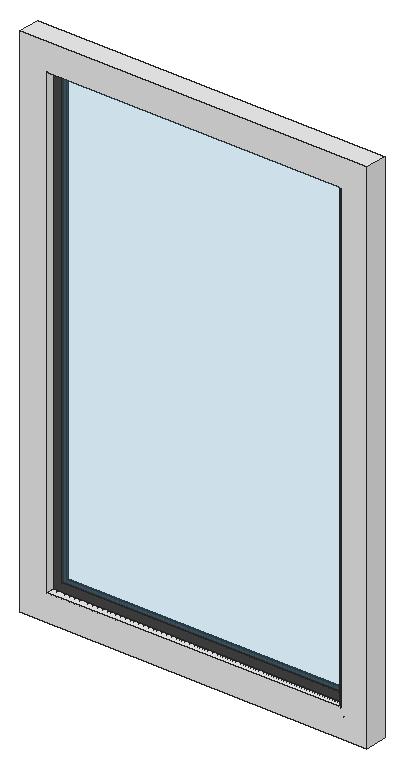
Revit family "Window_System_Solutions-NanaWall-SL-68_Fixed_Window", category Windows, host Wall, Revit 2013
Parameters (values of type "Fixed Window")
  Width = 36"
  Warranty URL = "http://www.nanawall.com/support/warranty"
  URL = "http://www.nanawall.com"
  Subcategory = "Window"  # constant formula
  Sash = Metal - NanaWall - Aluminum
  Rough Width = Width - 1 25/64"  # 34 39/64"
  Rough Height = Height - 1 25/64"  # 52 39/64"
  Product Page URL = "http://www.nanawall.com/products/sl60/matching-windows"
  Product Documentation Link = "http://www.nanawall.com/cad/configuration/details?id=22&name=SL68&typ=match&cid=456&key=Fixed%20Window"
  NanaWall Configurator = "http://www.nanawall.com/content/select-wizard"
  Model = "SL-68 Fixed Window"  # constant formula
  Material = ""
  Manufacturer Toll Free Phone = "(888) 411-NANA(6262)"  # constant formula
  Manufacturer Phone = "(415) 383-3148"  # constant formula
  Manufacturer Fax = "(415) 383-0312"  # constant formula
  Manufacturer Email = "mailto:info@nanawall.com"
  Manufacturer Address = "100 Meadowcreek Drive #250, Corte Madera, CA 94925"  # constant formula
  Manufacturer = "NanaWall Systems, Inc."  # constant formula
  Installation and Service URL = "http://www.nanawall.com/support/installer"
  Height = 54"
  Glazing Options = "http://www.nanawall.com/products/sl48/glazing"
  Glass Material = Glass - NanaWall - Generic
  Filler = Rubber - NanaWall - Black
  Exterior Wall Offset = 3"
  Disclaimer = "Please note that the Revit model is for schematic purposes only.  To obtain a detailed 3D model, please go to the NanaWall's configurator at www.nanawall.com."  # constant formula
  Description = "Monumental Aluminum Framed Matching Windows and Doors"  # constant formula
  Wall Closure = By host
  Default Sill Height = 30"
  Assembly Code = ""
  95 CSI = "8411"  # constant formula
  04 CSI = "08 52 00"  # constant formula
Reference planes (in)
  plane 1 "Center (Front/Back)": y = 0
  plane 2: z = 0
  plane 3 "Center (Left/Right)": x = 0
  plane 4 "Left": x = -18
  plane 5 "Right": x = 18
  plane 6 "Sill": z = 30
  plane 7 "Top": z = 84
  plane 8: y = 1.125
  plane 9: y = 2
  plane 10: x = 15.63053
  plane 11: x = -15.63053
Forms (in)
  Sweep 1, solid, material "Metal - NanaWall - Aluminum" <- "Sash"
    path origin (18, 2, 48) x (1, 0, 0) y (0, 0, 1)
      loop
        line (-36, 36) -> (-36, -18) -> (0, -18) -> (0, 36) -> (-36, 36)
    profile "Frame : Frame" origin (0, 2, 84) x (0, 0, 1) y (0, -1, 0)
      loop
        line (0, 1.15625) -> (-2.82203, 1.15625) -> (-2.82203, 0.37235) -> (-2.48104, 0.37235) -> (-2.48104, 0.52913) -> (-2.7554, 0.52913) -> (-2.7554, 1.07786) -> (-2.10333, 1.07786) -> (-2.01933, 0.61781) -> (-2.11653, 0.59177) -> (-2.11653, 0.29396) -> (-1.92349, 0.29396) -> (-1.92349, 0.0294) -> (-2.11947, 0.0294) -> (-2.11947, -0.38215) -> (-1.92055, -0.38215) -> (-1.92055, -0.86229) -> (-2.11653, -0.86229) -> (-2.11653, -0.96028) -> (-2.82203, -0.96028) -> (-2.82203, -1.15625) -> (0, -1.15625) -> (0, 1.15625)
  Extrusion 2, void
    sketch origin (0, 0, 0) x (1, 0, 0) y (0, 0, 1)
      loop
        line (-18, 84) -> (-18, 30) -> (18, 30) -> (18, 84) -> (-18, 84)
    from -5 to 5
  Sweep 3, solid, material "Rubber - NanaWall - Black" <- "Filler"
    path origin (18, 2, 48) x (1, 0, 0) y (0, 0, 1)
      loop
        line (-36, 36) -> (-36, -18) -> (0, -18) -> (0, 36) -> (-36, 36)
    profile origin (0, 2, 84) x (0, 0, 1) y (0, -1, 0)
      loop
        line (-2.11947, -0.72961) -> (-2.11947, 0.08289) -> (-3.49447, 0.08289) -> (-3.49447, -0.07336) -> (-2.36947, -0.07336) -> (-2.36947, -0.57336) -> (-3.49447, -0.57336) -> (-3.49447, -0.72961) -> (-2.11947, -0.72961)
  Extrusion 4, solid, material "Glass - NanaWall - Generic" <- "Glass Material"
    sketch origin (-18, 0, 0) x (0, -1, 0) y (0, 0, 1)
      loop
        line (-2.57336, 81.63053) -> (-2.57336, 32.36947) -> (-2.07336, 32.36947) -> (-2.07336, 81.63053) -> (-2.57336, 81.63053)
    from -33.63053 to -2.36947
Lines and regions (in)
  Masking region 1
    outline origin (0, 0, 0) x (1, 0, 0) y (0, 1, 0)
      loop
        line (-18, 3.15625) -> (-18, 0.84375) -> (18, 0.84375) -> (18, 3.15625) -> (-18, 3.15625)
  Masking region 2
    outline origin (0, 0, 0) x (1, 0, 0) y (0, 1, 0)
      loop
        line (-15.88053, 2.72961) -> (-15.88053, 1.91711) -> (15.88053, 1.91711) -> (15.88053, 2.72961) -> (-15.88053, 2.72961)
  Masking region 3, detail levels medium+fine
    outline origin (0, 0, 0) x (1, 0, 0) y (0, 1, 0)
      loop
        line (-15.63053, 2.57336) -> (-15.63053, 2.07336) -> (15.63053, 2.07336) -> (15.63053, 2.57336) -> (-15.63053, 2.57336)
  symbolic lines, detail levels coarse+medium
    curve 1: line (-15.88053, 0.84375, 0) -> (-15.88053, 3.15625, 0)
    curve 2: line (15.88053, 0.84375, 0) -> (15.88053, 3.15625, 0)
Text (in)
  text "EXTERIOR" at (-58.6888, 50.90694, 0), in view "Ref. Level"
  text "INTERIOR" at (-58.6888, -37.76638, 0), in view "Ref. Level"
  text "Exterior" at (0, 43.65631, 123.19604), in view "Left"
  text "Exterior" at (0, 18.29385, 125.04747), in view "Right"
Dimensions and locks (in)
  equal spacing: plane 4 "Left", plane 3 "Center (Left/Right)", plane 5 "Right"
  "Width": plane 4 "Left" to plane 5 "Right"
  "Height": plane 6 "Sill" to plane 7 "Top"
  "Default Sill Height": plane 2 to plane 6 "Sill"
  locked: plane 8 to plane 9 at 0.875
  "Exterior Wall Offset": plane 9 to host wall
  Sweep 3 sketch curve to Sweep 3 sketch curve to Sweep 3 sketch curve to Sweep 3 sketch curve to plane 7 "Top" = 0" locked, 1 1/8" locked, 1/4" locked, 2.11947" locked
  Sweep 3 sketch curve to Sweep 3 sketch curve to Sweep 3 sketch curve to plane 9 to Sweep 3 sketch curve = 5/32" locked, 1/2" locked, 0.07336" locked, 0.08289" locked
  locked: plane 6 "Sill" to Extrusion 4 sketch curve at 2.36947
  locked: Extrusion 4 sketch curve to plane 7 "Top" at 2.36947
  Extrusion 4 sketch curve to Extrusion 4 sketch curve to plane 9 = 1/2" locked, 0.07336" locked
  locked: plane 4 "Left" to plane 11 at 2.36947
  locked: plane 10 to plane 5 "Right" at 2.36947
  Masking region 1 sketch curve to plane 9 to Masking region 1 sketch curve = 1 5/32" locked, 1 5/32" locked
  locked: plane 10 to Masking region 2 sketch curve at 0.25
  locked: Masking region 2 sketch curve to plane 11 at 0.25
  Masking region 2 sketch curve to plane 9 to Masking region 2 sketch curve = 0.08289" locked, 0.72961" locked
  plane 9 to Masking region 3 sketch curve to Masking region 3 sketch curve = 0.07336" locked, 1/2" locked
  aligned and locked: level to plane 2
  aligned and locked: plane 7 "Top" to Sweep 1 sketch curve
  aligned and locked: plane 5 "Right" to Sweep 1 sketch curve
  aligned and locked: Sweep 1 sketch curve to plane 4 "Left"
  aligned and locked: Sweep 1 sketch curve to plane 6 "Sill"
  aligned and locked: plane 7 "Top" to Extrusion 2 sketch curve
  aligned and locked: Extrusion 2 sketch curve to plane 4 "Left"
  aligned and locked: Extrusion 2 sketch curve to plane 6 "Sill"
  aligned and locked: plane 5 "Right" to Extrusion 2 sketch curve
  aligned and locked: host wall to Extrusion 2  (x2)
  aligned and locked: plane 7 "Top" to Sweep 3 sketch curve
  aligned and locked: Sweep 3 sketch curve to plane 4 "Left"
  aligned and locked: nested 2 to plane 9
  aligned and locked: plane 4 "Left" to nested 2
  aligned and locked: plane 5 "Right" to nested 1
  aligned and locked: plane 9 to nested 1
  aligned and locked: plane 6 "Sill" to nested 4
  aligned and locked: nested 4 to plane 9
  aligned and locked: plane 7 "Top" to nested 3
  aligned and locked: plane 9 to nested 3
  aligned and locked: Extrusion 4 to plane 10
  aligned and locked: Extrusion 4 to plane 11
  aligned and locked: Masking region 1 sketch curve to plane 4 "Left"
  aligned and locked: plane 5 "Right" to Masking region 1 sketch curve
  aligned and locked: plane 10 to Masking region 3 sketch curve
  aligned and locked: plane 11 to Masking region 3 sketch curve
Automatic sketch dimensions
  plane 5 "Right" to Sweep 3 sketch curve = 0"
  Sweep 3 sketch curve to plane 6 "Sill" = 0"
  curve 1 to plane 11 = 1/4"
  curve 2 to plane 10 = 1/4"
  plane 8 to curve 2 = 9/32"
  plane 8 to curve 1 = 9/32"
  curve 2 to plane 9 = 1 5/32"
  curve 1 to plane 9 = 1 5/32"
Nested families (in)
  nested 1: "SL 68 Fixed Detail" at (18, 2, 0) x (0, -1, 0) z (0, 0, 1), type "SL 68 Fixed Detail", detail levels fine
  nested 2: "SL 68 Fixed Detail" at (-18, 2, 0) x (0, -1, 0) z (0, 0, 1), type "SL 68 Fixed Detail", detail levels fine
  nested 3: "SL 68 Fixed Detail" at (-18, 2, 84) x (0, -1, 0) z (-1, 0, 0), type "SL 68 Fixed Detail", detail levels fine
  nested 4: "SL 68 Fixed Detail" at (-18, 2, 30) x (0, -1, 0) z (-1, 0, 0), type "SL 68 Fixed Detail", detail levels fine
Definition of nested family "SL 68 Fixed Detail"
  Reference planes (in)
    plane 1 "Center (Front/Back)": y = 0
    plane 2: z = 0
    plane 3 "Center (Left/Right)": x = 0
  Lines and regions (in)
    detail lines, in view "Ref. Level"
      curve 1: line (-1.07786, -0.19597, 0) -> (-0.52913, -0.19597, 0)
      curve 2: line (-1.07786, -0.05879, 0) -> (-1.07786, -0.19597, 0)
      curve 3: line (-0.99947, -0.05879, 0) -> (-1.07786, -0.05879, 0)
      curve 4: line (-1.01522, 0, 0) -> (-0.99947, -0.05879, 0)
      curve 5: line (-1.15625, 0, 0) -> (-1.01522, 0, 0)
      curve 6: line (-1.15625, -2.82203, 0) -> (-1.15625, 0, 0)
      curve 7: line (-1.07786, -0.26653, 0) -> (-1.07786, -1.61091, 0)
      curve 8: line (-0.54873, -0.26653, 0) -> (-1.07786, -0.26653, 0)
      curve 9: line (-0.54873, -0.55545, 0) -> (-0.54873, -0.26653, 0)
      curve 10: line (-0.72511, -0.73183, 0) -> (-0.54873, -0.55545, 0)
      curve 11: line (-0.72511, -1.61091, 0) -> (-0.72511, -0.73183, 0)
      curve 12: line (-1.07786, -1.61091, 0) -> (-0.72511, -1.61091, 0)
      curve 13: line (-0.72511, -1.68146, 0) -> (-1.07786, -1.68146, 0)
      curve 14: line (-0.72511, -1.88136, 0) -> (-0.72511, -1.68146, 0)
      curve 15: line (-1.07786, -1.68146, 0) -> (-1.07786, -2.03814, 0)
      curve 16: line (-1.07786, -2.03814, 0) -> (-0.97987, -2.05773, 0)
      curve 17: line (-0.97987, -2.05773, 0) -> (-0.86229, -2.05773, 0)
      curve 18: line (-0.86229, -2.11653, 0) -> (-0.86229, -2.05773, 0)
      curve 19: line (-0.86229, -2.11653, 0) -> (-1.07786, -2.11653, 0)
      curve 20: line (-1.07786, -2.11653, 0) -> (-1.07786, -2.46144, 0)
      curve 21: line (-1.07786, -2.46144, 0) -> (-0.99163, -2.46144, 0)
      curve 22: line (-0.99163, -2.46144, 0) -> (-0.99163, -2.38305, 0)
      curve 23: line (-0.99163, -2.38305, 0) -> (-0.96028, -2.38305, 0)
      curve 24: line (-0.96028, -2.38305, 0) -> (-0.96028, -2.56727, 0)
      curve 25: line (-0.96028, -2.56727, 0) -> (-0.99947, -2.56727, 0)
      curve 26: line (-0.99947, -2.56727, 0) -> (-0.99947, -2.52023, 0)
      curve 27: line (-0.99947, -2.52023, 0) -> (-1.07786, -2.52023, 0)
      curve 28: line (-1.07786, -2.52023, 0) -> (-1.07786, -2.77108, 0)
      curve 29: line (-1.07786, -2.77108, 0) -> (-0.99947, -2.77108, 0)
      curve 30: line (-0.99947, -2.77108, 0) -> (-0.99947, -2.72405, 0)
      curve 31: line (-0.99947, -2.72405, 0) -> (-0.96028, -2.72405, 0)
      curve 32: line (-0.96028, -2.72405, 0) -> (-0.96028, -2.82203, 0)
      curve 33: line (-0.96028, -2.82203, 0) -> (-1.15625, -2.82203, 0)
      curve 34: line (-1.15625, -2.82203, 0) -> (-1.15625, 0, 0)
      curve 35: line (-0.72511, -1.92055, 0) -> (-0.72511, -1.68146, 0)
      curve 36: line (-0.50009, -1.92055, 0) -> (-0.72511, -1.92055, 0)
      curve 37: line (-0.54135, -1.76655, 0) -> (-0.50009, -1.92055, 0)
      curve 38: line (-0.52913, -1.63742, 0) -> (-0.52913, -1.72458, 0)
      curve 39: line (-0.64672, -1.56953, 0) -> (-0.52913, -1.63742, 0)
      curve 40: line (-0.64672, -0.7643, 0) -> (-0.64672, -1.56953, 0)
      curve 41: line (-0.47034, -0.58792, 0) -> (-0.64672, -0.7643, 0)
      curve 42: line (-0.47034, -0.38238, 0) -> (-0.47034, -0.58792, 0)
      curve 43: line (-0.35275, -0.31449, 0) -> (-0.47034, -0.38238, 0)
      curve 44: line (-0.35275, -0.22733, 0) -> (-0.35275, -0.31449, 0)
      curve 45: line (-0.30322, -0.22733, 0) -> (-0.35275, -0.22733, 0)
      curve 46: line (-0.22911, -0.09897, 0) -> (-0.30322, -0.22733, 0)
      curve 47: line (0.22911, -0.09897, 0) -> (-0.22911, -0.09897, 0)
      curve 48: line (0.30322, -0.22733, 0) -> (0.22911, -0.09897, 0)
      curve 49: line (0.35275, -0.22733, 0) -> (0.30322, -0.22733, 0)
      curve 50: line (0.35275, -0.29186, 0) -> (0.35275, -0.23755, 0)
      curve 51: line (0.47034, -0.38238, 0) -> (0.37235, -0.32581, 0)
      curve 52: line (0.47034, -0.97987, 0) -> (0.47034, -0.38238, 0)
      curve 53: line (-0.47426, -0.03136, 0) -> (0.47426, -0.03136, 0)
      curve 54: line (-0.59177, 0, 0) -> (-0.48994, 0, 0)
      curve 55: arc (-0.48994, 0, 0) -> (-0.47241, -0.01083, 0) -> (-0.47426, -0.03136, 0) r 0.0196
      curve 56: line (-0.60752, -0.05879, 0) -> (-0.59177, 0, 0)
      curve 57: line (-0.52913, -0.05879, 0) -> (-0.60752, -0.05879, 0)
      curve 58: line (-0.52913, -0.19597, 0) -> (-0.52913, -0.05879, 0)
      curve 59: line (-0.52913, -1.72458, 0) -> (-0.50222, -1.72458, 0)
      curve 60: arc (-0.46828, -1.74417, 0) -> (-0.48263, -1.72983, 0) -> (-0.50222, -1.72458, 0) r 0.03919
      curve 61: line (-0.46828, -1.74417, 0) -> (-0.40548, -1.85294, 0)
      curve 62: line (-0.23125, -1.85294, 0) -> (-0.40548, -1.85294, 0)
      curve 63: line (-0.1215, -1.85294, 0) -> (0.05273, -1.85294, 0)
      curve 64: line (-0.23125, -1.75495, 0) -> (-0.23125, -1.85294, 0)
      curve 65: line (-0.1215, -1.75495, 0) -> (-0.1215, -1.85294, 0)
      curve 66: line (0.12684, -1.72458, 0) -> (0.05273, -1.85294, 0)
      curve 67: line (0.12684, -1.72458, 0) -> (0.17638, -1.72458, 0)
      curve 68: line (0.17638, -1.72458, 0) -> (0.17638, -1.63742, 0)
      curve 69: line (0.17638, -1.63742, 0) -> (0.29396, -1.56953, 0)
      curve 70: line (0.29396, -1.56953, 0) -> (0.29396, -1.15625, 0)
      curve 71: line (0.29396, -1.15625, 0) -> (0.47034, -0.97987, 0)
      curve 72: line (0.47034, -0.97987, 0) -> (0.47034, -0.38238, 0)
      curve 73: line (0.47034, -0.38238, 0) -> (0.35275, -0.31449, 0)
      curve 74: line (0.35275, -0.31449, 0) -> (0.35275, -0.22733, 0)
      curve 75: line (0.48994, 0, 0) -> (0.59177, 0, 0)
      curve 76: arc (0.47426, -0.03136, 0) -> (0.47241, -0.01083, 0) -> (0.48994, 0, 0) r 0.0196
      curve 77: line (0.59177, 0, 0) -> (0.60752, -0.05879, 0)
      curve 78: line (0.60752, -0.05879, 0) -> (0.52913, -0.05879, 0)
      curve 79: line (0.52913, -0.05879, 0) -> (0.52913, -0.19597, 0)
      curve 80: line (0.52913, -0.19597, 0) -> (1.07786, -0.19597, 0)
      curve 81: line (1.07786, -0.19597, 0) -> (1.07786, -0.05879, 0)
      curve 82: line (1.07786, -0.05879, 0) -> (0.99947, -0.05879, 0)
      curve 83: line (0.99947, -0.05879, 0) -> (1.01522, 0, 0)
      curve 84: line (1.01522, 0, 0) -> (1.15625, 0, 0)
      curve 85: line (1.15625, 0, 0) -> (1.15625, -2.82203, 0)
      curve 86: line (1.07786, -0.26653, 0) -> (0.54873, -0.26653, 0)
      curve 87: line (0.54873, -0.26653, 0) -> (0.54873, -0.883, 0)
      curve 88: line (1.07786, -1.85, 0) -> (1.07786, -0.26653, 0)
      curve 89: line (0.54873, -0.883, 0) -> (0.58008, -0.883, 0)
      curve 90: line (0.58008, -0.883, 0) -> (0.58008, -0.98099, 0)
      curve 91: line (0.58008, -0.98099, 0) -> (0.37235, -1.18872, 0)
      curve 92: line (0.37235, -1.18872, 0) -> (0.37235, -2.04597, 0)
      curve 93: line (0.37235, -2.04597, 0) -> (0.45858, -2.04597, 0)
      curve 94: line (0.45858, -2.04597, 0) -> (0.45858, -1.92055, 0)
      curve 95: line (0.52913, -1.85, 0) -> (1.07786, -1.85, 0)
      curve 96: arc (0.45858, -1.92055, 0) -> (0.47924, -1.87066, 0) -> (0.52913, -1.85, 0) r 0.07055
      curve 97: line (1.07786, -1.92055, 0) -> (0.52913, -1.92055, 0)
      curve 98: line (1.07786, -2.04755, 0) -> (1.07786, -1.92055, 0)
      curve 99: line (0.52913, -1.92055, 0) -> (0.52913, -2.06536, 0)
      curve 100: line (0.55928, -1.95286, 0) -> (1.07786, -2.04755, 0)
      curve 101: line (0.52913, -2.06536, 0) -> (0.55928, -1.95286, 0)
      curve 102: line (0.59177, -2.11653, 0) -> (0.43191, -2.11653, 0)
      curve 103: line (0.59177, -2.11653, 0) -> (0.29396, -2.11653, 0)
      curve 104: line (0.61781, -2.01933, 0) -> (0.59177, -2.11653, 0)
      curve 105: line (0.90194, -2.07121, 0) -> (0.61781, -2.01933, 0)
      curve 106: line (0.41155, -2.72405, 0) -> (0.41155, -2.76324, 0)
      curve 107: line (0.41155, -2.76324, 0) -> (0.48994, -2.76324, 0)
      curve 108: line (0.48994, -2.76324, 0) -> (0.48994, -2.52807, 0)
      curve 109: line (0.48994, -2.52807, 0) -> (0.41155, -2.52807, 0)
      curve 110: line (0.41155, -2.52807, 0) -> (0.41155, -2.56727, 0)
      curve 111: line (0.41155, -2.56727, 0) -> (0.37235, -2.56727, 0)
      curve 112: line (0.41155, -2.72405, 0) -> (0.37235, -2.72405, 0)
      curve 113: line (0.37235, -2.56727, 0) -> (0.37235, -2.48104, 0)
      curve 114: line (0.37235, -2.48104, 0) -> (0.52913, -2.48104, 0)
      curve 115: line (0.52913, -2.48104, 0) -> (0.52913, -2.7554, 0)
      curve 116: line (0.52913, -2.7554, 0) -> (1.07786, -2.7554, 0)
      curve 117: line (1.07786, -2.7554, 0) -> (1.07786, -2.20667, 0)
      curve 118: line (1.15625, -2.82203, 0) -> (0.37235, -2.82203, 0)
      curve 119: line (0.37235, -2.82203, 0) -> (0.37235, -2.72405, 0)
      curve 120: arc (0.90194, -2.07121, 0) -> (0.90173, -2.16148, 0) -> (0.97987, -2.20667, 0) r 0.09015
      curve 121: line (-0.45074, -1.92349, 0) -> (-0.54135, -1.76655, 0)
      curve 122: line (-0.38215, -2.11947, 0) -> (-0.38215, -1.92349, 0)
      curve 123: line (-0.26457, -2.11947, 0) -> (-0.38215, -2.11947, 0)
      curve 124: line (-0.26457, -2.06067, 0) -> (-0.26457, -2.11947, 0)
      curve 125: line (-0.32336, -2.06067, 0) -> (-0.26457, -2.06067, 0)
      curve 126: line (-0.32336, -1.92349, 0) -> (-0.32336, -2.06067, 0)
      curve 127: line (-0.0294, -1.92349, 0) -> (-0.32336, -1.92349, 0)
      curve 128: line (-0.0294, -2.06067, 0) -> (-0.0294, -1.92349, 0)
      curve 129: line (-0.08819, -2.06067, 0) -> (-0.0294, -2.06067, 0)
      curve 130: line (-0.08819, -2.11947, 0) -> (-0.08819, -2.06067, 0)
      curve 131: line (0.0294, -2.11947, 0) -> (-0.08819, -2.11947, 0)
      curve 132: line (0.0294, -1.92349, 0) -> (0.0294, -2.11947, 0)
      curve 133: line (0.29396, -1.92349, 0) -> (0.0294, -1.92349, 0)
      curve 134: line (-0.38215, -1.92349, 0) -> (-0.45074, -1.92349, 0)
      curve 135: line (-0.1215, -1.75495, 0) -> (-0.23125, -1.75495, 0)
      curve 136: line (0.97987, -2.20667, 0) -> (1.07786, -2.20667, 0)
      curve 137: line (0.29396, -1.92349, 0) -> (0.29396, -2.11653, 0)
